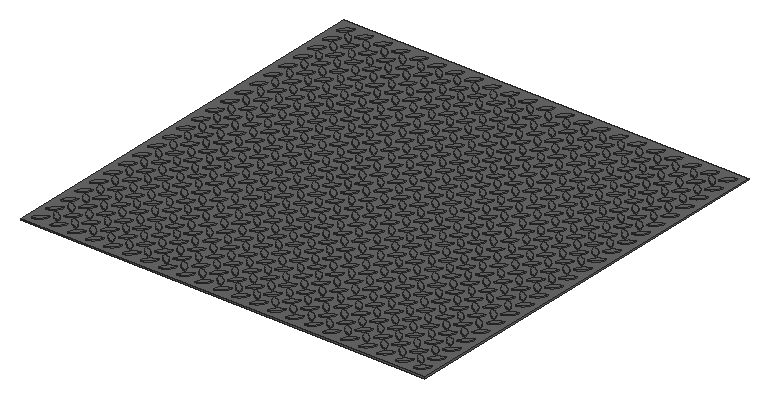
Revit family "141012021113804", category Modelos genéricos, Revit 2018 (continued)
Forms (mm)
  Blend 611, solid, material "Goma negro" <- "Material", detail levels fine
    base sketch origin (448.555, 935.994, 0) x (0.707107, -0.707107, 0) y (0.707107, 0.707107, 0)
      loop
        arc (794.539, -324.327) -> (799.889, -307.273) -> (794.539, -290.22) r 29.852
        arc (794.539, -290.22) -> (793.684, -289.773) -> (792.83, -290.22) r 1.041
    top sketch origin (448.555, 935.994, 0) x (0.707107, -0.707107, 0) y (0.707107, 0.707107, 0)
      loop
        arc (792.83, -290.22) -> (787.479, -307.273) -> (792.83, -324.327) r 29.852
        arc (792.83, -324.327) -> (793.684, -324.773) -> (794.539, -324.327) r 1.041
        arc (794.539, -324.327) -> (799.889, -307.273) -> (794.539, -290.22) r 29.852
        arc (794.539, -290.22) -> (793.684, -289.773) -> (792.83, -290.22) r 1.041
    from 0 to 1
  Blend 612, solid, material "Goma negro" <- "Material", detail levels fine
    base sketch origin (1593.494, 523.945, 0) x (-0.707107, -0.707107, 0) y (0.707107, -0.707107, 0)
      loop
        arc (792.83, -290.22) -> (787.479, -307.273) -> (792.83, -324.327) r 29.852
        arc (792.83, -324.327) -> (793.684, -324.773) -> (794.539, -324.327) r 1.041
        arc (794.539, -324.327) -> (799.889, -307.273) -> (794.539, -290.22) r 29.852
        arc (794.539, -290.22) -> (793.684, -289.773) -> (792.83, -290.22) r 1.041
    top sketch origin (1593.494, 523.945, 0) x (-0.707107, -0.707107, 0) y (0.707107, -0.707107, 0)
      loop
        arc (792.83, -290.22) -> (787.479, -307.273) -> (792.83, -324.327) r 29.852
        arc (792.83, -324.327) -> (793.684, -324.773) -> (794.539, -324.327) r 1.041
        arc (794.539, -324.327) -> (799.889, -307.273) -> (794.539, -290.22) r 29.852
        arc (794.539, -290.22) -> (793.684, -289.773) -> (792.83, -290.22) r 1.041
    from 0 to 1
  Blend 613, solid, material "Goma negro" <- "Material", detail levels fine
    base sketch origin (403.555, 935.994, 0) x (0.707107, -0.707107, 0) y (0.707107, 0.707107, 0)
      loop
        arc (792.83, -290.22) -> (787.479, -307.273) -> (792.83, -324.327) r 29.852
        arc (792.83, -324.327) -> (793.684, -324.773) -> (794.539, -324.327) r 1.041
        arc (794.539, -324.327) -> (799.889, -307.273) -> (794.539, -290.22) r 29.852
        arc (794.539, -290.22) -> (793.684, -289.773) -> (792.83, -290.22) r 1.041
    top sketch origin (403.555, 935.994, 0) x (0.707107, -0.707107, 0) y (0.707107, 0.707107, 0)
      loop
        arc (792.83, -290.22) -> (787.479, -307.273) -> (792.83, -324.327) r 29.852
        arc (792.83, -324.327) -> (793.684, -324.773) -> (794.539, -324.327) r 1.041
        arc (794.539, -324.327) -> (799.889, -307.273) -> (794.539, -290.22) r 29.852
        arc (794.539, -290.22) -> (793.684, -289.773) -> (792.83, -290.22) r 1.041
    from 0 to 1
  Blend 614, solid, material "Goma negro" <- "Material", detail levels fine
    base sketch origin (1548.494, 523.945, 0) x (-0.707107, -0.707107, 0) y (0.707107, -0.707107, 0)
      loop
        arc (792.83, -290.22) -> (787.479, -307.273) -> (792.83, -324.327) r 29.852
        arc (792.83, -324.327) -> (793.684, -324.773) -> (794.539, -324.327) r 1.041
        arc (794.539, -324.327) -> (799.889, -307.273) -> (794.539, -290.22) r 29.852
        arc (794.539, -290.22) -> (793.684, -289.773) -> (792.83, -290.22) r 1.041
    top sketch origin (1548.494, 523.945, 0) x (-0.707107, -0.707107, 0) y (0.707107, -0.707107, 0)
      loop
        arc (792.83, -290.22) -> (787.479, -307.273) -> (792.83, -324.327) r 29.852
        arc (792.83, -324.327) -> (793.684, -324.773) -> (794.539, -324.327) r 1.041
        arc (794.539, -324.327) -> (799.889, -307.273) -> (794.539, -290.22) r 29.852
        arc (794.539, -290.22) -> (793.684, -289.773) -> (792.83, -290.22) r 1.041
    from 0 to 1
  Blend 615, solid, material "Goma negro" <- "Material", detail levels fine
    base sketch origin (358.555, 935.994, 0) x (0.707107, -0.707107, 0) y (0.707107, 0.707107, 0)
      loop
        arc (792.83, -290.22) -> (787.479, -307.273) -> (792.83, -324.327) r 29.852
        arc (792.83, -324.327) -> (793.684, -324.773) -> (794.539, -324.327) r 1.041
        arc (794.539, -324.327) -> (799.889, -307.273) -> (794.539, -290.22) r 29.852
        arc (794.539, -290.22) -> (793.684, -289.773) -> (792.83, -290.22) r 1.041
    top sketch origin (358.555, 935.994, 0) x (0.707107, -0.707107, 0) y (0.707107, 0.707107, 0)
      loop
        arc (792.83, -290.22) -> (787.479, -307.273) -> (792.83, -324.327) r 29.852
        arc (792.83, -324.327) -> (793.684, -324.773) -> (794.539, -324.327) r 1.041
        arc (794.539, -324.327) -> (799.889, -307.273) -> (794.539, -290.22) r 29.852
        arc (794.539, -290.22) -> (793.684, -289.773) -> (792.83, -290.22) r 1.041
    from 0 to 1
  Blend 616, solid, material "Goma negro" <- "Material", detail levels fine
    base sketch origin (1503.494, 523.945, 0) x (-0.707107, -0.707107, 0) y (0.707107, -0.707107, 0)
      loop
        arc (792.83, -290.22) -> (787.479, -307.273) -> (792.83, -324.327) r 29.852
        arc (792.83, -324.327) -> (793.684, -324.773) -> (794.539, -324.327) r 1.041
        arc (794.539, -324.327) -> (799.889, -307.273) -> (794.539, -290.22) r 29.852
        arc (794.539, -290.22) -> (793.684, -289.773) -> (792.83, -290.22) r 1.041
    top sketch origin (1503.494, 523.945, 0) x (-0.707107, -0.707107, 0) y (0.707107, -0.707107, 0)
      loop
        arc (792.83, -290.22) -> (787.479, -307.273) -> (792.83, -324.327) r 29.852
        arc (792.83, -324.327) -> (793.684, -324.773) -> (794.539, -324.327) r 1.041
        arc (794.539, -324.327) -> (799.889, -307.273) -> (794.539, -290.22) r 29.852
        arc (794.539, -290.22) -> (793.684, -289.773) -> (792.83, -290.22) r 1.041
    from 0 to 1
  Blend 617, solid, material "Goma negro" <- "Material", detail levels fine
    base sketch origin (313.555, 935.994, 0) x (0.707107, -0.707107, 0) y (0.707107, 0.707107, 0)
      loop
        arc (792.83, -290.22) -> (787.479, -307.273) -> (792.83, -324.327) r 29.852
        arc (792.83, -324.327) -> (793.684, -324.773) -> (794.539, -324.327) r 1.041
        arc (794.539, -324.327) -> (799.889, -307.273) -> (794.539, -290.22) r 29.852
        arc (794.539, -290.22) -> (793.684, -289.773) -> (792.83, -290.22) r 1.041
    top sketch origin (313.555, 935.994, 0) x (0.707107, -0.707107, 0) y (0.707107, 0.707107, 0)
      loop
        arc (792.83, -290.22) -> (787.479, -307.273) -> (792.83, -324.327) r 29.852
        arc (792.83, -324.327) -> (793.684, -324.773) -> (794.539, -324.327) r 1.041
        arc (794.539, -324.327) -> (799.889, -307.273) -> (794.539, -290.22) r 29.852
        arc (794.539, -290.22) -> (793.684, -289.773) -> (792.83, -290.22) r 1.041
    from 0 to 1
  Blend 618, solid, material "Goma negro" <- "Material", detail levels fine
    base sketch origin (1458.494, 523.945, 0) x (-0.707107, -0.707107, 0) y (0.707107, -0.707107, 0)
      loop
        arc (792.83, -290.22) -> (787.479, -307.273) -> (792.83, -324.327) r 29.852
        arc (792.83, -324.327) -> (793.684, -324.773) -> (794.539, -324.327) r 1.041
        arc (794.539, -324.327) -> (799.889, -307.273) -> (794.539, -290.22) r 29.852
        arc (794.539, -290.22) -> (793.684, -289.773) -> (792.83, -290.22) r 1.041
    top sketch origin (1458.494, 523.945, 0) x (-0.707107, -0.707107, 0) y (0.707107, -0.707107, 0)
      loop
        arc (792.83, -290.22) -> (787.479, -307.273) -> (792.83, -324.327) r 29.852
        arc (792.83, -324.327) -> (793.684, -324.773) -> (794.539, -324.327) r 1.041
        arc (794.539, -324.327) -> (799.889, -307.273) -> (794.539, -290.22) r 29.852
        arc (794.539, -290.22) -> (793.684, -289.773) -> (792.83, -290.22) r 1.041
    from 0 to 1
  Blend 619, solid, material "Goma negro" <- "Material", detail levels fine
    base sketch origin (268.555, 935.994, 0) x (0.707107, -0.707107, 0) y (0.707107, 0.707107, 0)
      loop
        arc (792.83, -290.22) -> (787.479, -307.273) -> (792.83, -324.327) r 29.852
        arc (792.83, -324.327) -> (793.684, -324.773) -> (794.539, -324.327) r 1.041
        arc (794.539, -324.327) -> (799.889, -307.273) -> (794.539, -290.22) r 29.852
        arc (794.539, -290.22) -> (793.684, -289.773) -> (792.83, -290.22) r 1.041
    top sketch origin (268.555, 935.994, 0) x (0.707107, -0.707107, 0) y (0.707107, 0.707107, 0)
      loop
        arc (792.83, -290.22) -> (787.479, -307.273) -> (792.83, -324.327) r 29.852
        arc (792.83, -324.327) -> (793.684, -324.773) -> (794.539, -324.327) r 1.041
        arc (794.539, -324.327) -> (799.889, -307.273) -> (794.539, -290.22) r 29.852
        arc (794.539, -290.22) -> (793.684, -289.773) -> (792.83, -290.22) r 1.041
    from 0 to 1
  Blend 620, solid, material "Goma negro" <- "Material", detail levels fine
    base sketch origin (1413.494, 523.945, 0) x (-0.707107, -0.707107, 0) y (0.707107, -0.707107, 0)
      loop
        arc (792.83, -290.22) -> (787.479, -307.273) -> (792.83, -324.327) r 29.852
        arc (792.83, -324.327) -> (793.684, -324.773) -> (794.539, -324.327) r 1.041
        arc (794.539, -324.327) -> (799.889, -307.273) -> (794.539, -290.22) r 29.852
        arc (794.539, -290.22) -> (793.684, -289.773) -> (792.83, -290.22) r 1.041
    top sketch origin (1413.494, 523.945, 0) x (-0.707107, -0.707107, 0) y (0.707107, -0.707107, 0)
      loop
        arc (792.83, -290.22) -> (787.479, -307.273) -> (792.83, -324.327) r 29.852
        arc (792.83, -324.327) -> (793.684, -324.773) -> (794.539, -324.327) r 1.041
        arc (794.539, -324.327) -> (799.889, -307.273) -> (794.539, -290.22) r 29.852
        arc (794.539, -290.22) -> (793.684, -289.773) -> (792.83, -290.22) r 1.041
    from 0 to 1
  Blend 621, solid, material "Goma negro" <- "Material", detail levels fine
    base sketch origin (223.555, 935.994, 0) x (0.707107, -0.707107, 0) y (0.707107, 0.707107, 0)
      loop
        arc (792.83, -290.22) -> (787.479, -307.273) -> (792.83, -324.327) r 29.852
        arc (792.83, -324.327) -> (793.684, -324.773) -> (794.539, -324.327) r 1.041
        arc (794.539, -324.327) -> (799.889, -307.273) -> (794.539, -290.22) r 29.852
        arc (794.539, -290.22) -> (793.684, -289.773) -> (792.83, -290.22) r 1.041
    top sketch origin (223.555, 935.994, 0) x (0.707107, -0.707107, 0) y (0.707107, 0.707107, 0)
      loop
        arc (792.83, -290.22) -> (787.479, -307.273) -> (792.83, -324.327) r 29.852
        arc (792.83, -324.327) -> (793.684, -324.773) -> (794.539, -324.327) r 1.041
        arc (794.539, -324.327) -> (799.889, -307.273) -> (794.539, -290.22) r 29.852
        arc (794.539, -290.22) -> (793.684, -289.773) -> (792.83, -290.22) r 1.041
    from 0 to 1
  Blend 622, solid, material "Goma negro" <- "Material", detail levels fine
    base sketch origin (1368.494, 523.945, 0) x (-0.707107, -0.707107, 0) y (0.707107, -0.707107, 0)
      loop
        arc (792.83, -290.22) -> (787.479, -307.273) -> (792.83, -324.327) r 29.852
        arc (792.83, -324.327) -> (793.684, -324.773) -> (794.539, -324.327) r 1.041
        arc (794.539, -324.327) -> (799.889, -307.273) -> (794.539, -290.22) r 29.852
        arc (794.539, -290.22) -> (793.684, -289.773) -> (792.83, -290.22) r 1.041
    top sketch origin (1368.494, 523.945, 0) x (-0.707107, -0.707107, 0) y (0.707107, -0.707107, 0)
      loop
        arc (792.83, -290.22) -> (787.479, -307.273) -> (792.83, -324.327) r 29.852
        arc (792.83, -324.327) -> (793.684, -324.773) -> (794.539, -324.327) r 1.041
        arc (794.539, -324.327) -> (799.889, -307.273) -> (794.539, -290.22) r 29.852
        arc (794.539, -290.22) -> (793.684, -289.773) -> (792.83, -290.22) r 1.041
    from 0 to 1
  Blend 623, solid, material "Goma negro" <- "Material", detail levels fine
    base sketch origin (178.555, 935.994, 0) x (0.707107, -0.707107, 0) y (0.707107, 0.707107, 0)
      loop
        arc (792.83, -290.22) -> (787.479, -307.273) -> (792.83, -324.327) r 29.852
        arc (792.83, -324.327) -> (793.684, -324.773) -> (794.539, -324.327) r 1.041
        arc (794.539, -324.327) -> (799.889, -307.273) -> (794.539, -290.22) r 29.852
        arc (794.539, -290.22) -> (793.684, -289.773) -> (792.83, -290.22) r 1.041
    top sketch origin (178.555, 935.994, 0) x (0.707107, -0.707107, 0) y (0.707107, 0.707107, 0)
      loop
        arc (792.83, -290.22) -> (787.479, -307.273) -> (792.83, -324.327) r 29.852
        arc (792.83, -324.327) -> (793.684, -324.773) -> (794.539, -324.327) r 1.041
        arc (794.539, -324.327) -> (799.889, -307.273) -> (794.539, -290.22) r 29.852
        arc (794.539, -290.22) -> (793.684, -289.773) -> (792.83, -290.22) r 1.041
    from 0 to 1
  Blend 624, solid, material "Goma negro" <- "Material", detail levels fine
    base sketch origin (1323.494, 523.945, 0) x (-0.707107, -0.707107, 0) y (0.707107, -0.707107, 0)
      loop
        arc (792.83, -290.22) -> (787.479, -307.273) -> (792.83, -324.327) r 29.852
        arc (792.83, -324.327) -> (793.684, -324.773) -> (794.539, -324.327) r 1.041
        arc (794.539, -324.327) -> (799.889, -307.273) -> (794.539, -290.22) r 29.852
        arc (794.539, -290.22) -> (793.684, -289.773) -> (792.83, -290.22) r 1.041
    top sketch origin (1323.494, 523.945, 0) x (-0.707107, -0.707107, 0) y (0.707107, -0.707107, 0)
      loop
        arc (792.83, -290.22) -> (787.479, -307.273) -> (792.83, -324.327) r 29.852
        arc (792.83, -324.327) -> (793.684, -324.773) -> (794.539, -324.327) r 1.041
        arc (794.539, -324.327) -> (799.889, -307.273) -> (794.539, -290.22) r 29.852
        arc (794.539, -290.22) -> (793.684, -289.773) -> (792.83, -290.22) r 1.041
    from 0 to 1
  Blend 625, solid, material "Goma negro" <- "Material", detail levels fine
    base sketch origin (133.555, 935.994, 0) x (0.707107, -0.707107, 0) y (0.707107, 0.707107, 0)
      loop
        arc (792.83, -290.22) -> (787.479, -307.273) -> (792.83, -324.327) r 29.852
        arc (792.83, -324.327) -> (793.684, -324.773) -> (794.539, -324.327) r 1.041
        arc (794.539, -324.327) -> (799.889, -307.273) -> (794.539, -290.22) r 29.852
        arc (794.539, -290.22) -> (793.684, -289.773) -> (792.83, -290.22) r 1.041
    top sketch origin (133.555, 935.994, 0) x (0.707107, -0.707107, 0) y (0.707107, 0.707107, 0)
      loop
        arc (792.83, -290.22) -> (787.479, -307.273) -> (792.83, -324.327) r 29.852
        arc (792.83, -324.327) -> (793.684, -324.773) -> (794.539, -324.327) r 1.041
        arc (794.539, -324.327) -> (799.889, -307.273) -> (794.539, -290.22) r 29.852
        arc (794.539, -290.22) -> (793.684, -289.773) -> (792.83, -290.22) r 1.041
    from 0 to 1
  Blend 626, solid, material "Goma negro" <- "Material", detail levels fine
    base sketch origin (1278.494, 523.945, 0) x (-0.707107, -0.707107, 0) y (0.707107, -0.707107, 0)
      loop
        arc (792.83, -290.22) -> (787.479, -307.273) -> (792.83, -324.327) r 29.852
        arc (792.83, -324.327) -> (793.684, -324.773) -> (794.539, -324.327) r 1.041
        arc (794.539, -324.327) -> (799.889, -307.273) -> (794.539, -290.22) r 29.852
        arc (794.539, -290.22) -> (793.684, -289.773) -> (792.83, -290.22) r 1.041
    top sketch origin (1278.494, 523.945, 0) x (-0.707107, -0.707107, 0) y (0.707107, -0.707107, 0)
      loop
        arc (792.83, -290.22) -> (787.479, -307.273) -> (792.83, -324.327) r 29.852
        arc (792.83, -324.327) -> (793.684, -324.773) -> (794.539, -324.327) r 1.041
        arc (794.539, -324.327) -> (799.889, -307.273) -> (794.539, -290.22) r 29.852
        arc (794.539, -290.22) -> (793.684, -289.773) -> (792.83, -290.22) r 1.041
    from 0 to 1
  Blend 627, solid, material "Goma negro" <- "Material", detail levels fine
    base sketch origin (88.555, 935.994, 0) x (0.707107, -0.707107, 0) y (0.707107, 0.707107, 0)
      loop
        arc (792.83, -290.22) -> (787.479, -307.273) -> (792.83, -324.327) r 29.852
        arc (792.83, -324.327) -> (793.684, -324.773) -> (794.539, -324.327) r 1.041
        arc (794.539, -324.327) -> (799.889, -307.273) -> (794.539, -290.22) r 29.852
        arc (794.539, -290.22) -> (793.684, -289.773) -> (792.83, -290.22) r 1.041
    top sketch origin (88.555, 935.994, 0) x (0.707107, -0.707107, 0) y (0.707107, 0.707107, 0)
      loop
        arc (792.83, -290.22) -> (787.479, -307.273) -> (792.83, -324.327) r 29.852
        arc (792.83, -324.327) -> (793.684, -324.773) -> (794.539, -324.327) r 1.041
        arc (794.539, -324.327) -> (799.889, -307.273) -> (794.539, -290.22) r 29.852
        arc (794.539, -290.22) -> (793.684, -289.773) -> (792.83, -290.22) r 1.041
    from 0 to 1
  Blend 628, solid, material "Goma negro" <- "Material", detail levels fine
    base sketch origin (1233.494, 523.945, 0) x (-0.707107, -0.707107, 0) y (0.707107, -0.707107, 0)
      loop
        arc (792.83, -290.22) -> (787.479, -307.273) -> (792.83, -324.327) r 29.852
        arc (792.83, -324.327) -> (793.684, -324.773) -> (794.539, -324.327) r 1.041
        arc (794.539, -324.327) -> (799.889, -307.273) -> (794.539, -290.22) r 29.852
        arc (794.539, -290.22) -> (793.684, -289.773) -> (792.83, -290.22) r 1.041
    top sketch origin (1233.494, 523.945, 0) x (-0.707107, -0.707107, 0) y (0.707107, -0.707107, 0)
      loop
        arc (792.83, -290.22) -> (787.479, -307.273) -> (792.83, -324.327) r 29.852
        arc (792.83, -324.327) -> (793.684, -324.773) -> (794.539, -324.327) r 1.041
        arc (794.539, -324.327) -> (799.889, -307.273) -> (794.539, -290.22) r 29.852
        arc (794.539, -290.22) -> (793.684, -289.773) -> (792.83, -290.22) r 1.041
    from 0 to 1
  Blend 629, solid, material "Goma negro" <- "Material", detail levels fine
    base sketch origin (43.555, 935.994, 0) x (0.707107, -0.707107, 0) y (0.707107, 0.707107, 0)
      loop
        arc (792.83, -290.22) -> (787.479, -307.273) -> (792.83, -324.327) r 29.852
        arc (792.83, -324.327) -> (793.684, -324.773) -> (794.539, -324.327) r 1.041
        arc (794.539, -324.327) -> (799.889, -307.273) -> (794.539, -290.22) r 29.852
        arc (794.539, -290.22) -> (793.684, -289.773) -> (792.83, -290.22) r 1.041
    top sketch origin (43.555, 935.994, 0) x (0.707107, -0.707107, 0) y (0.707107, 0.707107, 0)
      loop
        arc (792.83, -290.22) -> (787.479, -307.273) -> (792.83, -324.327) r 29.852
        arc (792.83, -324.327) -> (793.684, -324.773) -> (794.539, -324.327) r 1.041
        arc (794.539, -324.327) -> (799.889, -307.273) -> (794.539, -290.22) r 29.852
        arc (794.539, -290.22) -> (793.684, -289.773) -> (792.83, -290.22) r 1.041
    from 0 to 1
  Blend 630, solid, material "Goma negro" <- "Material", detail levels fine
    base sketch origin (1188.494, 523.945, 0) x (-0.707107, -0.707107, 0) y (0.707107, -0.707107, 0)
      loop
        arc (792.83, -290.22) -> (787.479, -307.273) -> (792.83, -324.327) r 29.852
        arc (792.83, -324.327) -> (793.684, -324.773) -> (794.539, -324.327) r 1.041
        arc (794.539, -324.327) -> (799.889, -307.273) -> (794.539, -290.22) r 29.852
        arc (794.539, -290.22) -> (793.684, -289.773) -> (792.83, -290.22) r 1.041
    top sketch origin (1188.494, 523.945, 0) x (-0.707107, -0.707107, 0) y (0.707107, -0.707107, 0)
      loop
        arc (792.83, -290.22) -> (787.479, -307.273) -> (792.83, -324.327) r 29.852
        arc (792.83, -324.327) -> (793.684, -324.773) -> (794.539, -324.327) r 1.041
        arc (794.539, -324.327) -> (799.889, -307.273) -> (794.539, -290.22) r 29.852
        arc (794.539, -290.22) -> (793.684, -289.773) -> (792.83, -290.22) r 1.041
    from 0 to 1
  Blend 631, solid, material "Goma negro" <- "Material", detail levels fine
    base sketch origin (-1.445, 935.994, 0) x (0.707107, -0.707107, 0) y (0.707107, 0.707107, 0)
      loop
        arc (792.83, -290.22) -> (787.479, -307.273) -> (792.83, -324.327) r 29.852
        arc (792.83, -324.327) -> (793.684, -324.773) -> (794.539, -324.327) r 1.041
        arc (794.539, -324.327) -> (799.889, -307.273) -> (794.539, -290.22) r 29.852
        arc (794.539, -290.22) -> (793.684, -289.773) -> (792.83, -290.22) r 1.041
    top sketch origin (-1.445, 935.994, 0) x (0.707107, -0.707107, 0) y (0.707107, 0.707107, 0)
      loop
        arc (792.83, -290.22) -> (787.479, -307.273) -> (792.83, -324.327) r 29.852
        arc (792.83, -324.327) -> (793.684, -324.773) -> (794.539, -324.327) r 1.041
        arc (794.539, -324.327) -> (799.889, -307.273) -> (794.539, -290.22) r 29.852
        arc (794.539, -290.22) -> (793.684, -289.773) -> (792.83, -290.22) r 1.041
    from 0 to 1
  Blend 632, solid, material "Goma negro" <- "Material", detail levels fine
    base sketch origin (1143.494, 523.945, 0) x (-0.707107, -0.707107, 0) y (0.707107, -0.707107, 0)
      loop
        arc (792.83, -290.22) -> (787.479, -307.273) -> (792.83, -324.327) r 29.852
        arc (792.83, -324.327) -> (793.684, -324.773) -> (794.539, -324.327) r 1.041
        arc (794.539, -324.327) -> (799.889, -307.273) -> (794.539, -290.22) r 29.852
        arc (794.539, -290.22) -> (793.684, -289.773) -> (792.83, -290.22) r 1.041
    top sketch origin (1143.494, 523.945, 0) x (-0.707107, -0.707107, 0) y (0.707107, -0.707107, 0)
      loop
        arc (792.83, -290.22) -> (787.479, -307.273) -> (792.83, -324.327) r 29.852
        arc (792.83, -324.327) -> (793.684, -324.773) -> (794.539, -324.327) r 1.041
        arc (794.539, -324.327) -> (799.889, -307.273) -> (794.539, -290.22) r 29.852
        arc (794.539, -290.22) -> (793.684, -289.773) -> (792.83, -290.22) r 1.041
    from 0 to 1
  Blend 633, solid, material "Goma negro" <- "Material", detail levels fine
    base sketch origin (-46.445, 935.994, 0) x (0.707107, -0.707107, 0) y (0.707107, 0.707107, 0)
      loop
        arc (792.83, -290.22) -> (787.479, -307.273) -> (792.83, -324.327) r 29.852
        arc (792.83, -324.327) -> (793.684, -324.773) -> (794.539, -324.327) r 1.041
        arc (794.539, -324.327) -> (799.889, -307.273) -> (794.539, -290.22) r 29.852
        arc (794.539, -290.22) -> (793.684, -289.773) -> (792.83, -290.22) r 1.041
    top sketch origin (-46.445, 935.994, 0) x (0.707107, -0.707107, 0) y (0.707107, 0.707107, 0)
      loop
        arc (792.83, -290.22) -> (787.479, -307.273) -> (792.83, -324.327) r 29.852
        arc (792.83, -324.327) -> (793.684, -324.773) -> (794.539, -324.327) r 1.041
        arc (794.539, -324.327) -> (799.889, -307.273) -> (794.539, -290.22) r 29.852
        arc (794.539, -290.22) -> (793.684, -289.773) -> (792.83, -290.22) r 1.041
    from 0 to 1
  Blend 634, solid, material "Goma negro" <- "Material", detail levels fine
    base sketch origin (1098.494, 523.945, 0) x (-0.707107, -0.707107, 0) y (0.707107, -0.707107, 0)
      loop
        arc (792.83, -290.22) -> (787.479, -307.273) -> (792.83, -324.327) r 29.852
        arc (792.83, -324.327) -> (793.684, -324.773) -> (794.539, -324.327) r 1.041
        arc (794.539, -324.327) -> (799.889, -307.273) -> (794.539, -290.22) r 29.852
        arc (794.539, -290.22) -> (793.684, -289.773) -> (792.83, -290.22) r 1.041
    top sketch origin (1098.494, 523.945, 0) x (-0.707107, -0.707107, 0) y (0.707107, -0.707107, 0)
      loop
        arc (792.83, -290.22) -> (787.479, -307.273) -> (792.83, -324.327) r 29.852
        arc (792.83, -324.327) -> (793.684, -324.773) -> (794.539, -324.327) r 1.041
        arc (794.539, -324.327) -> (799.889, -307.273) -> (794.539, -290.22) r 29.852
        arc (794.539, -290.22) -> (793.684, -289.773) -> (792.83, -290.22) r 1.041
    from 0 to 1
  Blend 635, solid, material "Goma negro" <- "Material", detail levels fine
    base sketch origin (-91.445, 935.994, 0) x (0.707107, -0.707107, 0) y (0.707107, 0.707107, 0)
      loop
        arc (792.83, -290.22) -> (787.479, -307.273) -> (792.83, -324.327) r 29.852
        arc (792.83, -324.327) -> (793.684, -324.773) -> (794.539, -324.327) r 1.041
        arc (794.539, -324.327) -> (799.889, -307.273) -> (794.539, -290.22) r 29.852
        arc (794.539, -290.22) -> (793.684, -289.773) -> (792.83, -290.22) r 1.041
    top sketch origin (-91.445, 935.994, 0) x (0.707107, -0.707107, 0) y (0.707107, 0.707107, 0)
      loop
        arc (792.83, -290.22) -> (787.479, -307.273) -> (792.83, -324.327) r 29.852
        arc (792.83, -324.327) -> (793.684, -324.773) -> (794.539, -324.327) r 1.041
        arc (794.539, -324.327) -> (799.889, -307.273) -> (794.539, -290.22) r 29.852
        arc (794.539, -290.22) -> (793.684, -289.773) -> (792.83, -290.22) r 1.041
    from 0 to 1
  Blend 636, solid, material "Goma negro" <- "Material", detail levels fine
    base sketch origin (1053.494, 523.945, 0) x (-0.707107, -0.707107, 0) y (0.707107, -0.707107, 0)
      loop
        arc (792.83, -290.22) -> (787.479, -307.273) -> (792.83, -324.327) r 29.852
        arc (792.83, -324.327) -> (793.684, -324.773) -> (794.539, -324.327) r 1.041
        arc (794.539, -324.327) -> (799.889, -307.273) -> (794.539, -290.22) r 29.852
        arc (794.539, -290.22) -> (793.684, -289.773) -> (792.83, -290.22) r 1.041
    top sketch origin (1053.494, 523.945, 0) x (-0.707107, -0.707107, 0) y (0.707107, -0.707107, 0)
      loop
        arc (792.83, -290.22) -> (787.479, -307.273) -> (792.83, -324.327) r 29.852
        arc (792.83, -324.327) -> (793.684, -324.773) -> (794.539, -324.327) r 1.041
        arc (794.539, -324.327) -> (799.889, -307.273) -> (794.539, -290.22) r 29.852
        arc (794.539, -290.22) -> (793.684, -289.773) -> (792.83, -290.22) r 1.041
    from 0 to 1
  Blend 637, solid, material "Goma negro" <- "Material", detail levels fine
    base sketch origin (-136.445, 935.994, 0) x (0.707107, -0.707107, 0) y (0.707107, 0.707107, 0)
      loop
        arc (792.83, -290.22) -> (787.479, -307.273) -> (792.83, -324.327) r 29.852
        arc (792.83, -324.327) -> (793.684, -324.773) -> (794.539, -324.327) r 1.041
        arc (794.539, -324.327) -> (799.889, -307.273) -> (794.539, -290.22) r 29.852
        arc (794.539, -290.22) -> (793.684, -289.773) -> (792.83, -290.22) r 1.041
    top sketch origin (-136.445, 935.994, 0) x (0.707107, -0.707107, 0) y (0.707107, 0.707107, 0)
      loop
        arc (792.83, -290.22) -> (787.479, -307.273) -> (792.83, -324.327) r 29.852
        arc (792.83, -324.327) -> (793.684, -324.773) -> (794.539, -324.327) r 1.041
        arc (794.539, -324.327) -> (799.889, -307.273) -> (794.539, -290.22) r 29.852
        arc (794.539, -290.22) -> (793.684, -289.773) -> (792.83, -290.22) r 1.041
    from 0 to 1
  Blend 638, solid, material "Goma negro" <- "Material", detail levels fine
    base sketch origin (1008.494, 523.945, 0) x (-0.707107, -0.707107, 0) y (0.707107, -0.707107, 0)
      loop
        arc (792.83, -290.22) -> (787.479, -307.273) -> (792.83, -324.327) r 29.852
        arc (792.83, -324.327) -> (793.684, -324.773) -> (794.539, -324.327) r 1.041
        arc (794.539, -324.327) -> (799.889, -307.273) -> (794.539, -290.22) r 29.852
        arc (794.539, -290.22) -> (793.684, -289.773) -> (792.83, -290.22) r 1.041
    top sketch origin (1008.494, 523.945, 0) x (-0.707107, -0.707107, 0) y (0.707107, -0.707107, 0)
      loop
        arc (792.83, -290.22) -> (787.479, -307.273) -> (792.83, -324.327) r 29.852
        arc (792.83, -324.327) -> (793.684, -324.773) -> (794.539, -324.327) r 1.041
        arc (794.539, -324.327) -> (799.889, -307.273) -> (794.539, -290.22) r 29.852
        arc (794.539, -290.22) -> (793.684, -289.773) -> (792.83, -290.22) r 1.041
    from 0 to 1
  Blend 639, solid, material "Goma negro" <- "Material", detail levels fine
    base sketch origin (-181.445, 935.994, 0) x (0.707107, -0.707107, 0) y (0.707107, 0.707107, 0)
      loop
        arc (792.83, -290.22) -> (787.479, -307.273) -> (792.83, -324.327) r 29.852
        arc (792.83, -324.327) -> (793.684, -324.773) -> (794.539, -324.327) r 1.041
        arc (794.539, -324.327) -> (799.889, -307.273) -> (794.539, -290.22) r 29.852
        arc (794.539, -290.22) -> (793.684, -289.773) -> (792.83, -290.22) r 1.041
    top sketch origin (-181.445, 935.994, 0) x (0.707107, -0.707107, 0) y (0.707107, 0.707107, 0)
      loop
        arc (792.83, -290.22) -> (787.479, -307.273) -> (792.83, -324.327) r 29.852
        arc (792.83, -324.327) -> (793.684, -324.773) -> (794.539, -324.327) r 1.041
        arc (794.539, -324.327) -> (799.889, -307.273) -> (794.539, -290.22) r 29.852
        arc (794.539, -290.22) -> (793.684, -289.773) -> (792.83, -290.22) r 1.041
    from 0 to 1
  Blend 640, solid, material "Goma negro" <- "Material", detail levels fine
    base sketch origin (963.494, 523.945, 0) x (-0.707107, -0.707107, 0) y (0.707107, -0.707107, 0)
      loop
        arc (792.83, -290.22) -> (787.479, -307.273) -> (792.83, -324.327) r 29.852
        arc (792.83, -324.327) -> (793.684, -324.773) -> (794.539, -324.327) r 1.041
        arc (794.539, -324.327) -> (799.889, -307.273) -> (794.539, -290.22) r 29.852
        arc (794.539, -290.22) -> (793.684, -289.773) -> (792.83, -290.22) r 1.041
    top sketch origin (963.494, 523.945, 0) x (-0.707107, -0.707107, 0) y (0.707107, -0.707107, 0)
      loop
        arc (792.83, -290.22) -> (787.479, -307.273) -> (792.83, -324.327) r 29.852
        arc (792.83, -324.327) -> (793.684, -324.773) -> (794.539, -324.327) r 1.041
        arc (794.539, -324.327) -> (799.889, -307.273) -> (794.539, -290.22) r 29.852
        arc (794.539, -290.22) -> (793.684, -289.773) -> (792.83, -290.22) r 1.041
    from 0 to 1
  Blend 641, solid, material "Goma negro" <- "Material", detail levels fine
    base sketch origin (-226.445, 935.994, 0) x (0.707107, -0.707107, 0) y (0.707107, 0.707107, 0)
      loop
        arc (792.83, -290.22) -> (787.479, -307.273) -> (792.83, -324.327) r 29.852
        arc (792.83, -324.327) -> (793.684, -324.773) -> (794.539, -324.327) r 1.041
        arc (794.539, -324.327) -> (799.889, -307.273) -> (794.539, -290.22) r 29.852
        arc (794.539, -290.22) -> (793.684, -289.773) -> (792.83, -290.22) r 1.041
    top sketch origin (-226.445, 935.994, 0) x (0.707107, -0.707107, 0) y (0.707107, 0.707107, 0)
      loop
        arc (792.83, -290.22) -> (787.479, -307.273) -> (792.83, -324.327) r 29.852
        arc (792.83, -324.327) -> (793.684, -324.773) -> (794.539, -324.327) r 1.041
        arc (794.539, -324.327) -> (799.889, -307.273) -> (794.539, -290.22) r 29.852
        arc (794.539, -290.22) -> (793.684, -289.773) -> (792.83, -290.22) r 1.041
    from 0 to 1
  Blend 642, solid, material "Goma negro" <- "Material", detail levels fine
    base sketch origin (918.494, 523.945, 0) x (-0.707107, -0.707107, 0) y (0.707107, -0.707107, 0)
      loop
        arc (792.83, -290.22) -> (787.479, -307.273) -> (792.83, -324.327) r 29.852
        arc (792.83, -324.327) -> (793.684, -324.773) -> (794.539, -324.327) r 1.041
        arc (794.539, -324.327) -> (799.889, -307.273) -> (794.539, -290.22) r 29.852
        arc (794.539, -290.22) -> (793.684, -289.773) -> (792.83, -290.22) r 1.041
    top sketch origin (918.494, 523.945, 0) x (-0.707107, -0.707107, 0) y (0.707107, -0.707107, 0)
      loop
        arc (792.83, -290.22) -> (787.479, -307.273) -> (792.83, -324.327) r 29.852
        arc (792.83, -324.327) -> (793.684, -324.773) -> (794.539, -324.327) r 1.041
        arc (794.539, -324.327) -> (799.889, -307.273) -> (794.539, -290.22) r 29.852
        arc (794.539, -290.22) -> (793.684, -289.773) -> (792.83, -290.22) r 1.041
    from 0 to 1
  Blend 643, solid, material "Goma negro" <- "Material", detail levels fine
    base sketch origin (-271.445, 935.994, 0) x (0.707107, -0.707107, 0) y (0.707107, 0.707107, 0)
      loop
        arc (792.83, -290.22) -> (787.479, -307.273) -> (792.83, -324.327) r 29.852
        arc (792.83, -324.327) -> (793.684, -324.773) -> (794.539, -324.327) r 1.041
        arc (794.539, -324.327) -> (799.889, -307.273) -> (794.539, -290.22) r 29.852
        arc (794.539, -290.22) -> (793.684, -289.773) -> (792.83, -290.22) r 1.041
    top sketch origin (-271.445, 935.994, 0) x (0.707107, -0.707107, 0) y (0.707107, 0.707107, 0)
      loop
        arc (792.83, -290.22) -> (787.479, -307.273) -> (792.83, -324.327) r 29.852
        arc (792.83, -324.327) -> (793.684, -324.773) -> (794.539, -324.327) r 1.041
        arc (794.539, -324.327) -> (799.889, -307.273) -> (794.539, -290.22) r 29.852
        arc (794.539, -290.22) -> (793.684, -289.773) -> (792.83, -290.22) r 1.041
    from 0 to 1
  Blend 644, solid, material "Goma negro" <- "Material", detail levels fine
    base sketch origin (873.494, 523.945, 0) x (-0.707107, -0.707107, 0) y (0.707107, -0.707107, 0)
      loop
        arc (792.83, -290.22) -> (787.479, -307.273) -> (792.83, -324.327) r 29.852
        arc (792.83, -324.327) -> (793.684, -324.773) -> (794.539, -324.327) r 1.041
        arc (794.539, -324.327) -> (799.889, -307.273) -> (794.539, -290.22) r 29.852
        arc (794.539, -290.22) -> (793.684, -289.773) -> (792.83, -290.22) r 1.041
    top sketch origin (873.494, 523.945, 0) x (-0.707107, -0.707107, 0) y (0.707107, -0.707107, 0)
      loop
        arc (792.83, -290.22) -> (787.479, -307.273) -> (792.83, -324.327) r 29.852
        arc (792.83, -324.327) -> (793.684, -324.773) -> (794.539, -324.327) r 1.041
        arc (794.539, -324.327) -> (799.889, -307.273) -> (794.539, -290.22) r 29.852
        arc (794.539, -290.22) -> (793.684, -289.773) -> (792.83, -290.22) r 1.041
    from 0 to 1
  Blend 645, solid, material "Goma negro" <- "Material", detail levels fine
    base sketch origin (-316.445, 935.994, 0) x (0.707107, -0.707107, 0) y (0.707107, 0.707107, 0)
      loop
        arc (792.83, -290.22) -> (787.479, -307.273) -> (792.83, -324.327) r 29.852
        arc (792.83, -324.327) -> (793.684, -324.773) -> (794.539, -324.327) r 1.041
        arc (794.539, -324.327) -> (799.889, -307.273) -> (794.539, -290.22) r 29.852
        arc (794.539, -290.22) -> (793.684, -289.773) -> (792.83, -290.22) r 1.041
    top sketch origin (-316.445, 935.994, 0) x (0.707107, -0.707107, 0) y (0.707107, 0.707107, 0)
      loop
        arc (792.83, -290.22) -> (787.479, -307.273) -> (792.83, -324.327) r 29.852
        arc (792.83, -324.327) -> (793.684, -324.773) -> (794.539, -324.327) r 1.041
        arc (794.539, -324.327) -> (799.889, -307.273) -> (794.539, -290.22) r 29.852
        arc (794.539, -290.22) -> (793.684, -289.773) -> (792.83, -290.22) r 1.041
    from 0 to 1
  Blend 646, solid, material "Goma negro" <- "Material", detail levels fine
    base sketch origin (828.494, 523.945, 0) x (-0.707107, -0.707107, 0) y (0.707107, -0.707107, 0)
      loop
        arc (792.83, -290.22) -> (787.479, -307.273) -> (792.83, -324.327) r 29.852
        arc (792.83, -324.327) -> (793.684, -324.773) -> (794.539, -324.327) r 1.041
        arc (794.539, -324.327) -> (799.889, -307.273) -> (794.539, -290.22) r 29.852
        arc (794.539, -290.22) -> (793.684, -289.773) -> (792.83, -290.22) r 1.041
    top sketch origin (828.494, 523.945, 0) x (-0.707107, -0.707107, 0) y (0.707107, -0.707107, 0)
      loop
        arc (792.83, -290.22) -> (787.479, -307.273) -> (792.83, -324.327) r 29.852
        arc (792.83, -324.327) -> (793.684, -324.773) -> (794.539, -324.327) r 1.041
        arc (794.539, -324.327) -> (799.889, -307.273) -> (794.539, -290.22) r 29.852
        arc (794.539, -290.22) -> (793.684, -289.773) -> (792.83, -290.22) r 1.041
    from 0 to 1
  Blend 647, solid, material "Goma negro" <- "Material", detail levels fine
    base sketch origin (628.555, 980.994, 0) x (0.707107, -0.707107, 0) y (0.707107, 0.707107, 0)
      loop
        arc (792.83, -290.22) -> (787.479, -307.273) -> (792.83, -324.327) r 29.852
        arc (792.83, -324.327) -> (793.684, -324.773) -> (794.539, -324.327) r 1.041
        arc (794.539, -324.327) -> (799.889, -307.273) -> (794.539, -290.22) r 29.852
        arc (794.539, -290.22) -> (793.684, -289.773) -> (792.83, -290.22) r 1.041
    top sketch origin (628.555, 980.994, 0) x (0.707107, -0.707107, 0) y (0.707107, 0.707107, 0)
      loop
        arc (792.83, -290.22) -> (787.479, -307.273) -> (792.83, -324.327) r 29.852
        arc (792.83, -324.327) -> (793.684, -324.773) -> (794.539, -324.327) r 1.041
        arc (794.539, -324.327) -> (799.889, -307.273) -> (794.539, -290.22) r 29.852
        arc (794.539, -290.22) -> (793.684, -289.773) -> (792.83, -290.22) r 1.041
    from 0 to 1
  Blend 648, solid, material "Goma negro" <- "Material", detail levels fine
    base sketch origin (583.555, 980.994, 0) x (0.707107, -0.707107, 0) y (0.707107, 0.707107, 0)
      loop
        arc (792.83, -290.22) -> (787.479, -307.273) -> (792.83, -324.327) r 29.852
        arc (792.83, -324.327) -> (793.684, -324.773) -> (794.539, -324.327) r 1.041
        arc (794.539, -324.327) -> (799.889, -307.273) -> (794.539, -290.22) r 29.852
        arc (794.539, -290.22) -> (793.684, -289.773) -> (792.83, -290.22) r 1.041
    top sketch origin (583.555, 980.994, 0) x (0.707107, -0.707107, 0) y (0.707107, 0.707107, 0)
      loop
        arc (792.83, -290.22) -> (787.479, -307.273) -> (792.83, -324.327) r 29.852
        arc (792.83, -324.327) -> (793.684, -324.773) -> (794.539, -324.327) r 1.041
        arc (794.539, -324.327) -> (799.889, -307.273) -> (794.539, -290.22) r 29.852
        arc (794.539, -290.22) -> (793.684, -289.773) -> (792.83, -290.22) r 1.041
    from 0 to 1
  Blend 649, solid, material "Goma negro" <- "Material", detail levels fine
    base sketch origin (1728.494, 568.945, 0) x (-0.707107, -0.707107, 0) y (0.707107, -0.707107, 0)
      loop
        arc (792.83, -290.22) -> (787.479, -307.273) -> (792.83, -324.327) r 29.852
        arc (792.83, -324.327) -> (793.684, -324.773) -> (794.539, -324.327) r 1.041
        arc (794.539, -324.327) -> (799.889, -307.273) -> (794.539, -290.22) r 29.852
        arc (794.539, -290.22) -> (793.684, -289.773) -> (792.83, -290.22) r 1.041
    top sketch origin (1728.494, 568.945, 0) x (-0.707107, -0.707107, 0) y (0.707107, -0.707107, 0)
      loop
        arc (792.83, -290.22) -> (787.479, -307.273) -> (792.83, -324.327) r 29.852
        arc (792.83, -324.327) -> (793.684, -324.773) -> (794.539, -324.327) r 1.041
        arc (794.539, -324.327) -> (799.889, -307.273) -> (794.539, -290.22) r 29.852
        arc (794.539, -290.22) -> (793.684, -289.773) -> (792.83, -290.22) r 1.041
    from 0 to 1
  Blend 650, solid, material "Goma negro" <- "Material", detail levels fine
    base sketch origin (538.555, 980.994, 0) x (0.707107, -0.707107, 0) y (0.707107, 0.707107, 0)
      loop
        arc (792.83, -290.22) -> (787.479, -307.273) -> (792.83, -324.327) r 29.852
        arc (792.83, -324.327) -> (793.684, -324.773) -> (794.539, -324.327) r 1.041
        arc (794.539, -324.327) -> (799.889, -307.273) -> (794.539, -290.22) r 29.852
        arc (794.539, -290.22) -> (793.684, -289.773) -> (792.83, -290.22) r 1.041
    top sketch origin (538.555, 980.994, 0) x (0.707107, -0.707107, 0) y (0.707107, 0.707107, 0)
      loop
        arc (792.83, -290.22) -> (787.479, -307.273) -> (792.83, -324.327) r 29.852
        arc (792.83, -324.327) -> (793.684, -324.773) -> (794.539, -324.327) r 1.041
        arc (794.539, -324.327) -> (799.889, -307.273) -> (794.539, -290.22) r 29.852
        arc (794.539, -290.22) -> (793.684, -289.773) -> (792.83, -290.22) r 1.041
    from 0 to 1
  Blend 651, solid, material "Goma negro" <- "Material", detail levels fine
    base sketch origin (1683.494, 568.945, 0) x (-0.707107, -0.707107, 0) y (0.707107, -0.707107, 0)
      loop
        arc (792.83, -290.22) -> (787.479, -307.273) -> (792.83, -324.327) r 29.852
        arc (792.83, -324.327) -> (793.684, -324.773) -> (794.539, -324.327) r 1.041
        arc (794.539, -324.327) -> (799.889, -307.273) -> (794.539, -290.22) r 29.852
        arc (794.539, -290.22) -> (793.684, -289.773) -> (792.83, -290.22) r 1.041
    top sketch origin (1683.494, 568.945, 0) x (-0.707107, -0.707107, 0) y (0.707107, -0.707107, 0)
      loop
        arc (792.83, -290.22) -> (787.479, -307.273) -> (792.83, -324.327) r 29.852
        arc (792.83, -324.327) -> (793.684, -324.773) -> (794.539, -324.327) r 1.041
        arc (794.539, -324.327) -> (799.889, -307.273) -> (794.539, -290.22) r 29.852
        arc (794.539, -290.22) -> (793.684, -289.773) -> (792.83, -290.22) r 1.041
    from 0 to 1
  Blend 652, solid, material "Goma negro" <- "Material", detail levels fine
    base sketch origin (493.555, 980.994, 0) x (0.707107, -0.707107, 0) y (0.707107, 0.707107, 0)
      loop
        arc (792.83, -290.22) -> (787.479, -307.273) -> (792.83, -324.327) r 29.852
        arc (792.83, -324.327) -> (793.684, -324.773) -> (794.539, -324.327) r 1.041
        arc (794.539, -324.327) -> (799.889, -307.273) -> (794.539, -290.22) r 29.852
        arc (794.539, -290.22) -> (793.684, -289.773) -> (792.83, -290.22) r 1.041
    top sketch origin (493.555, 980.994, 0) x (0.707107, -0.707107, 0) y (0.707107, 0.707107, 0)
      loop
        arc (792.83, -290.22) -> (787.479, -307.273) -> (792.83, -324.327) r 29.852
        arc (792.83, -324.327) -> (793.684, -324.773) -> (794.539, -324.327) r 1.041
        arc (794.539, -324.327) -> (799.889, -307.273) -> (794.539, -290.22) r 29.852
        arc (794.539, -290.22) -> (793.684, -289.773) -> (792.83, -290.22) r 1.041
    from 0 to 1
  Blend 653, solid, material "Goma negro" <- "Material", detail levels fine
    base sketch origin (1638.494, 568.945, 0) x (-0.707107, -0.707107, 0) y (0.707107, -0.707107, 0)
      loop
        arc (792.83, -290.22) -> (787.479, -307.273) -> (792.83, -324.327) r 29.852
        arc (792.83, -324.327) -> (793.684, -324.773) -> (794.539, -324.327) r 1.041
        arc (794.539, -324.327) -> (799.889, -307.273) -> (794.539, -290.22) r 29.852
        arc (794.539, -290.22) -> (793.684, -289.773) -> (792.83, -290.22) r 1.041
    top sketch origin (1638.494, 568.945, 0) x (-0.707107, -0.707107, 0) y (0.707107, -0.707107, 0)
      loop
        arc (792.83, -290.22) -> (787.479, -307.273) -> (792.83, -324.327) r 29.852
        arc (792.83, -324.327) -> (793.684, -324.773) -> (794.539, -324.327) r 1.041
        arc (794.539, -324.327) -> (799.889, -307.273) -> (794.539, -290.22) r 29.852
        arc (794.539, -290.22) -> (793.684, -289.773) -> (792.83, -290.22) r 1.041
    from 0 to 1
  Blend 654, solid, material "Goma negro" <- "Material", detail levels fine
    base sketch origin (448.555, 980.994, 0) x (0.707107, -0.707107, 0) y (0.707107, 0.707107, 0)
      loop
        arc (792.83, -290.22) -> (787.479, -307.273) -> (792.83, -324.327) r 29.852
        arc (792.83, -324.327) -> (793.684, -324.773) -> (794.539, -324.327) r 1.041
        arc (794.539, -324.327) -> (799.889, -307.273) -> (794.539, -290.22) r 29.852
        arc (794.539, -290.22) -> (793.684, -289.773) -> (792.83, -290.22) r 1.041
    top sketch origin (448.555, 980.994, 0) x (0.707107, -0.707107, 0) y (0.707107, 0.707107, 0)
      loop
        arc (792.83, -290.22) -> (787.479, -307.273) -> (792.83, -324.327) r 29.852
        arc (792.83, -324.327) -> (793.684, -324.773) -> (794.539, -324.327) r 1.041
        arc (794.539, -324.327) -> (799.889, -307.273) -> (794.539, -290.22) r 29.852
        arc (794.539, -290.22) -> (793.684, -289.773) -> (792.83, -290.22) r 1.041
    from 0 to 1
  Blend 655, solid, material "Goma negro" <- "Material", detail levels fine
    base sketch origin (1593.494, 568.945, 0) x (-0.707107, -0.707107, 0) y (0.707107, -0.707107, 0)
      loop
        arc (792.83, -290.22) -> (787.479, -307.273) -> (792.83, -324.327) r 29.852
        arc (792.83, -324.327) -> (793.684, -324.773) -> (794.539, -324.327) r 1.041
        arc (794.539, -324.327) -> (799.889, -307.273) -> (794.539, -290.22) r 29.852
        arc (794.539, -290.22) -> (793.684, -289.773) -> (792.83, -290.22) r 1.041
    top sketch origin (1593.494, 568.945, 0) x (-0.707107, -0.707107, 0) y (0.707107, -0.707107, 0)
      loop
        arc (792.83, -290.22) -> (787.479, -307.273) -> (792.83, -324.327) r 29.852
        arc (792.83, -324.327) -> (793.684, -324.773) -> (794.539, -324.327) r 1.041
        arc (794.539, -324.327) -> (799.889, -307.273) -> (794.539, -290.22) r 29.852
        arc (794.539, -290.22) -> (793.684, -289.773) -> (792.83, -290.22) r 1.041
    from 0 to 1
  Blend 656, solid, material "Goma negro" <- "Material", detail levels fine
    base sketch origin (403.555, 980.994, 0) x (0.707107, -0.707107, 0) y (0.707107, 0.707107, 0)
      loop
        arc (792.83, -290.22) -> (787.479, -307.273) -> (792.83, -324.327) r 29.852
        arc (792.83, -324.327) -> (793.684, -324.773) -> (794.539, -324.327) r 1.041
        arc (794.539, -324.327) -> (799.889, -307.273) -> (794.539, -290.22) r 29.852
        arc (794.539, -290.22) -> (793.684, -289.773) -> (792.83, -290.22) r 1.041
    top sketch origin (403.555, 980.994, 0) x (0.707107, -0.707107, 0) y (0.707107, 0.707107, 0)
      loop
        arc (792.83, -290.22) -> (787.479, -307.273) -> (792.83, -324.327) r 29.852
        arc (792.83, -324.327) -> (793.684, -324.773) -> (794.539, -324.327) r 1.041
        arc (794.539, -324.327) -> (799.889, -307.273) -> (794.539, -290.22) r 29.852
        arc (794.539, -290.22) -> (793.684, -289.773) -> (792.83, -290.22) r 1.041
    from 0 to 1
  Blend 657, solid, material "Goma negro" <- "Material", detail levels fine
    base sketch origin (1548.494, 568.945, 0) x (-0.707107, -0.707107, 0) y (0.707107, -0.707107, 0)
      loop
        arc (792.83, -290.22) -> (787.479, -307.273) -> (792.83, -324.327) r 29.852
        arc (792.83, -324.327) -> (793.684, -324.773) -> (794.539, -324.327) r 1.041
        arc (794.539, -324.327) -> (799.889, -307.273) -> (794.539, -290.22) r 29.852
        arc (794.539, -290.22) -> (793.684, -289.773) -> (792.83, -290.22) r 1.041
    top sketch origin (1548.494, 568.945, 0) x (-0.707107, -0.707107, 0) y (0.707107, -0.707107, 0)
      loop
        arc (792.83, -290.22) -> (787.479, -307.273) -> (792.83, -324.327) r 29.852
        arc (792.83, -324.327) -> (793.684, -324.773) -> (794.539, -324.327) r 1.041
        arc (794.539, -324.327) -> (799.889, -307.273) -> (794.539, -290.22) r 29.852
        arc (794.539, -290.22) -> (793.684, -289.773) -> (792.83, -290.22) r 1.041
    from 0 to 1
  Blend 658, solid, material "Goma negro" <- "Material", detail levels fine
    base sketch origin (358.555, 980.994, 0) x (0.707107, -0.707107, 0) y (0.707107, 0.707107, 0)
      loop
        arc (792.83, -290.22) -> (787.479, -307.273) -> (792.83, -324.327) r 29.852
        arc (792.83, -324.327) -> (793.684, -324.773) -> (794.539, -324.327) r 1.041
        arc (794.539, -324.327) -> (799.889, -307.273) -> (794.539, -290.22) r 29.852
        arc (794.539, -290.22) -> (793.684, -289.773) -> (792.83, -290.22) r 1.041
    top sketch origin (358.555, 980.994, 0) x (0.707107, -0.707107, 0) y (0.707107, 0.707107, 0)
      loop
        arc (792.83, -290.22) -> (787.479, -307.273) -> (792.83, -324.327) r 29.852
        arc (792.83, -324.327) -> (793.684, -324.773) -> (794.539, -324.327) r 1.041
        arc (794.539, -324.327) -> (799.889, -307.273) -> (794.539, -290.22) r 29.852
        arc (794.539, -290.22) -> (793.684, -289.773) -> (792.83, -290.22) r 1.041
    from 0 to 1
  Blend 659, solid, material "Goma negro" <- "Material", detail levels fine
    base sketch origin (1503.494, 568.945, 0) x (-0.707107, -0.707107, 0) y (0.707107, -0.707107, 0)
      loop
        arc (792.83, -290.22) -> (787.479, -307.273) -> (792.83, -324.327) r 29.852
        arc (792.83, -324.327) -> (793.684, -324.773) -> (794.539, -324.327) r 1.041
        arc (794.539, -324.327) -> (799.889, -307.273) -> (794.539, -290.22) r 29.852
        arc (794.539, -290.22) -> (793.684, -289.773) -> (792.83, -290.22) r 1.041
    top sketch origin (1503.494, 568.945, 0) x (-0.707107, -0.707107, 0) y (0.707107, -0.707107, 0)
      loop
        arc (792.83, -290.22) -> (787.479, -307.273) -> (792.83, -324.327) r 29.852
        arc (792.83, -324.327) -> (793.684, -324.773) -> (794.539, -324.327) r 1.041
        arc (794.539, -324.327) -> (799.889, -307.273) -> (794.539, -290.22) r 29.852
        arc (794.539, -290.22) -> (793.684, -289.773) -> (792.83, -290.22) r 1.041
    from 0 to 1
  Blend 660, solid, material "Goma negro" <- "Material", detail levels fine
    base sketch origin (313.555, 980.994, 0) x (0.707107, -0.707107, 0) y (0.707107, 0.707107, 0)
      loop
        arc (792.83, -290.22) -> (787.479, -307.273) -> (792.83, -324.327) r 29.852
        arc (792.83, -324.327) -> (793.684, -324.773) -> (794.539, -324.327) r 1.041
        arc (794.539, -324.327) -> (799.889, -307.273) -> (794.539, -290.22) r 29.852
        arc (794.539, -290.22) -> (793.684, -289.773) -> (792.83, -290.22) r 1.041
    top sketch origin (313.555, 980.994, 0) x (0.707107, -0.707107, 0) y (0.707107, 0.707107, 0)
      loop
        arc (792.83, -290.22) -> (787.479, -307.273) -> (792.83, -324.327) r 29.852
        arc (792.83, -324.327) -> (793.684, -324.773) -> (794.539, -324.327) r 1.041
        arc (794.539, -324.327) -> (799.889, -307.273) -> (794.539, -290.22) r 29.852
        arc (794.539, -290.22) -> (793.684, -289.773) -> (792.83, -290.22) r 1.041
    from 0 to 1
  Blend 661, solid, material "Goma negro" <- "Material", detail levels fine
    base sketch origin (1458.494, 568.945, 0) x (-0.707107, -0.707107, 0) y (0.707107, -0.707107, 0)
      loop
        arc (792.83, -290.22) -> (787.479, -307.273) -> (792.83, -324.327) r 29.852
        arc (792.83, -324.327) -> (793.684, -324.773) -> (794.539, -324.327) r 1.041
        arc (794.539, -324.327) -> (799.889, -307.273) -> (794.539, -290.22) r 29.852
        arc (794.539, -290.22) -> (793.684, -289.773) -> (792.83, -290.22) r 1.041
    top sketch origin (1458.494, 568.945, 0) x (-0.707107, -0.707107, 0) y (0.707107, -0.707107, 0)
      loop
        arc (792.83, -290.22) -> (787.479, -307.273) -> (792.83, -324.327) r 29.852
        arc (792.83, -324.327) -> (793.684, -324.773) -> (794.539, -324.327) r 1.041
        arc (794.539, -324.327) -> (799.889, -307.273) -> (794.539, -290.22) r 29.852
        arc (794.539, -290.22) -> (793.684, -289.773) -> (792.83, -290.22) r 1.041
    from 0 to 1
  Blend 662, solid, material "Goma negro" <- "Material", detail levels fine
    base sketch origin (268.555, 980.994, 0) x (0.707107, -0.707107, 0) y (0.707107, 0.707107, 0)
      loop
        arc (792.83, -290.22) -> (787.479, -307.273) -> (792.83, -324.327) r 29.852
        arc (792.83, -324.327) -> (793.684, -324.773) -> (794.539, -324.327) r 1.041
        arc (794.539, -324.327) -> (799.889, -307.273) -> (794.539, -290.22) r 29.852
        arc (794.539, -290.22) -> (793.684, -289.773) -> (792.83, -290.22) r 1.041
    top sketch origin (268.555, 980.994, 0) x (0.707107, -0.707107, 0) y (0.707107, 0.707107, 0)
      loop
        arc (792.83, -290.22) -> (787.479, -307.273) -> (792.83, -324.327) r 29.852
        arc (792.83, -324.327) -> (793.684, -324.773) -> (794.539, -324.327) r 1.041
        arc (794.539, -324.327) -> (799.889, -307.273) -> (794.539, -290.22) r 29.852
        arc (794.539, -290.22) -> (793.684, -289.773) -> (792.83, -290.22) r 1.041
    from 0 to 1
  Blend 663, solid, material "Goma negro" <- "Material", detail levels fine
    base sketch origin (1413.494, 568.945, 0) x (-0.707107, -0.707107, 0) y (0.707107, -0.707107, 0)
      loop
        arc (792.83, -290.22) -> (787.479, -307.273) -> (792.83, -324.327) r 29.852
        arc (792.83, -324.327) -> (793.684, -324.773) -> (794.539, -324.327) r 1.041
        arc (794.539, -324.327) -> (799.889, -307.273) -> (794.539, -290.22) r 29.852
        arc (794.539, -290.22) -> (793.684, -289.773) -> (792.83, -290.22) r 1.041
    top sketch origin (1413.494, 568.945, 0) x (-0.707107, -0.707107, 0) y (0.707107, -0.707107, 0)
      loop
        arc (792.83, -290.22) -> (787.479, -307.273) -> (792.83, -324.327) r 29.852
        arc (792.83, -324.327) -> (793.684, -324.773) -> (794.539, -324.327) r 1.041
        arc (794.539, -324.327) -> (799.889, -307.273) -> (794.539, -290.22) r 29.852
        arc (794.539, -290.22) -> (793.684, -289.773) -> (792.83, -290.22) r 1.041
    from 0 to 1
  Blend 664, solid, material "Goma negro" <- "Material", detail levels fine
    base sketch origin (223.555, 980.994, 0) x (0.707107, -0.707107, 0) y (0.707107, 0.707107, 0)
      loop
        arc (792.83, -290.22) -> (787.479, -307.273) -> (792.83, -324.327) r 29.852
        arc (792.83, -324.327) -> (793.684, -324.773) -> (794.539, -324.327) r 1.041
        arc (794.539, -324.327) -> (799.889, -307.273) -> (794.539, -290.22) r 29.852
        arc (794.539, -290.22) -> (793.684, -289.773) -> (792.83, -290.22) r 1.041
    top sketch origin (223.555, 980.994, 0) x (0.707107, -0.707107, 0) y (0.707107, 0.707107, 0)
      loop
        arc (792.83, -290.22) -> (787.479, -307.273) -> (792.83, -324.327) r 29.852
        arc (792.83, -324.327) -> (793.684, -324.773) -> (794.539, -324.327) r 1.041
        arc (794.539, -324.327) -> (799.889, -307.273) -> (794.539, -290.22) r 29.852
        arc (794.539, -290.22) -> (793.684, -289.773) -> (792.83, -290.22) r 1.041
    from 0 to 1
  Blend 665, solid, material "Goma negro" <- "Material", detail levels fine
    base sketch origin (1368.494, 568.945, 0) x (-0.707107, -0.707107, 0) y (0.707107, -0.707107, 0)
      loop
        arc (792.83, -290.22) -> (787.479, -307.273) -> (792.83, -324.327) r 29.852
        arc (792.83, -324.327) -> (793.684, -324.773) -> (794.539, -324.327) r 1.041
        arc (794.539, -324.327) -> (799.889, -307.273) -> (794.539, -290.22) r 29.852
        arc (794.539, -290.22) -> (793.684, -289.773) -> (792.83, -290.22) r 1.041
    top sketch origin (1368.494, 568.945, 0) x (-0.707107, -0.707107, 0) y (0.707107, -0.707107, 0)
      loop
        arc (792.83, -290.22) -> (787.479, -307.273) -> (792.83, -324.327) r 29.852
        arc (792.83, -324.327) -> (793.684, -324.773) -> (794.539, -324.327) r 1.041
        arc (794.539, -324.327) -> (799.889, -307.273) -> (794.539, -290.22) r 29.852
        arc (794.539, -290.22) -> (793.684, -289.773) -> (792.83, -290.22) r 1.041
    from 0 to 1
  Blend 666, solid, material "Goma negro" <- "Material", detail levels fine
    base sketch origin (178.555, 980.994, 0) x (0.707107, -0.707107, 0) y (0.707107, 0.707107, 0)
      loop
        arc (792.83, -290.22) -> (787.479, -307.273) -> (792.83, -324.327) r 29.852
        arc (792.83, -324.327) -> (793.684, -324.773) -> (794.539, -324.327) r 1.041
        arc (794.539, -324.327) -> (799.889, -307.273) -> (794.539, -290.22) r 29.852
        arc (794.539, -290.22) -> (793.684, -289.773) -> (792.83, -290.22) r 1.041
    top sketch origin (178.555, 980.994, 0) x (0.707107, -0.707107, 0) y (0.707107, 0.707107, 0)
      loop
        arc (792.83, -290.22) -> (787.479, -307.273) -> (792.83, -324.327) r 29.852
        arc (792.83, -324.327) -> (793.684, -324.773) -> (794.539, -324.327) r 1.041
        arc (794.539, -324.327) -> (799.889, -307.273) -> (794.539, -290.22) r 29.852
        arc (794.539, -290.22) -> (793.684, -289.773) -> (792.83, -290.22) r 1.041
    from 0 to 1
  Blend 667, solid, material "Goma negro" <- "Material", detail levels fine
    base sketch origin (1323.494, 568.945, 0) x (-0.707107, -0.707107, 0) y (0.707107, -0.707107, 0)
      loop
        arc (792.83, -290.22) -> (787.479, -307.273) -> (792.83, -324.327) r 29.852
        arc (792.83, -324.327) -> (793.684, -324.773) -> (794.539, -324.327) r 1.041
        arc (794.539, -324.327) -> (799.889, -307.273) -> (794.539, -290.22) r 29.852
        arc (794.539, -290.22) -> (793.684, -289.773) -> (792.83, -290.22) r 1.041
    top sketch origin (1323.494, 568.945, 0) x (-0.707107, -0.707107, 0) y (0.707107, -0.707107, 0)
      loop
        arc (792.83, -290.22) -> (787.479, -307.273) -> (792.83, -324.327) r 29.852
        arc (792.83, -324.327) -> (793.684, -324.773) -> (794.539, -324.327) r 1.041
        arc (794.539, -324.327) -> (799.889, -307.273) -> (794.539, -290.22) r 29.852
        arc (794.539, -290.22) -> (793.684, -289.773) -> (792.83, -290.22) r 1.041
    from 0 to 1
  Blend 668, solid, material "Goma negro" <- "Material", detail levels fine
    base sketch origin (133.555, 980.994, 0) x (0.707107, -0.707107, 0) y (0.707107, 0.707107, 0)
      loop
        arc (792.83, -290.22) -> (787.479, -307.273) -> (792.83, -324.327) r 29.852
        arc (792.83, -324.327) -> (793.684, -324.773) -> (794.539, -324.327) r 1.041
        arc (794.539, -324.327) -> (799.889, -307.273) -> (794.539, -290.22) r 29.852
        arc (794.539, -290.22) -> (793.684, -289.773) -> (792.83, -290.22) r 1.041
    top sketch origin (133.555, 980.994, 0) x (0.707107, -0.707107, 0) y (0.707107, 0.707107, 0)
      loop
        arc (792.83, -290.22) -> (787.479, -307.273) -> (792.83, -324.327) r 29.852
        arc (792.83, -324.327) -> (793.684, -324.773) -> (794.539, -324.327) r 1.041
        arc (794.539, -324.327) -> (799.889, -307.273) -> (794.539, -290.22) r 29.852
        arc (794.539, -290.22) -> (793.684, -289.773) -> (792.83, -290.22) r 1.041
    from 0 to 1
  Blend 669, solid, material "Goma negro" <- "Material", detail levels fine
    base sketch origin (1278.494, 568.945, 0) x (-0.707107, -0.707107, 0) y (0.707107, -0.707107, 0)
      loop
        arc (792.83, -290.22) -> (787.479, -307.273) -> (792.83, -324.327) r 29.852
        arc (792.83, -324.327) -> (793.684, -324.773) -> (794.539, -324.327) r 1.041
        arc (794.539, -324.327) -> (799.889, -307.273) -> (794.539, -290.22) r 29.852
        arc (794.539, -290.22) -> (793.684, -289.773) -> (792.83, -290.22) r 1.041
    top sketch origin (1278.494, 568.945, 0) x (-0.707107, -0.707107, 0) y (0.707107, -0.707107, 0)
      loop
        arc (792.83, -290.22) -> (787.479, -307.273) -> (792.83, -324.327) r 29.852
        arc (792.83, -324.327) -> (793.684, -324.773) -> (794.539, -324.327) r 1.041
        arc (794.539, -324.327) -> (799.889, -307.273) -> (794.539, -290.22) r 29.852
        arc (794.539, -290.22) -> (793.684, -289.773) -> (792.83, -290.22) r 1.041
    from 0 to 1
  Blend 670, solid, material "Goma negro" <- "Material", detail levels fine
    base sketch origin (88.555, 980.994, 0) x (0.707107, -0.707107, 0) y (0.707107, 0.707107, 0)
      loop
        arc (792.83, -290.22) -> (787.479, -307.273) -> (792.83, -324.327) r 29.852
        arc (792.83, -324.327) -> (793.684, -324.773) -> (794.539, -324.327) r 1.041
        arc (794.539, -324.327) -> (799.889, -307.273) -> (794.539, -290.22) r 29.852
        arc (794.539, -290.22) -> (793.684, -289.773) -> (792.83, -290.22) r 1.041
    top sketch origin (88.555, 980.994, 0) x (0.707107, -0.707107, 0) y (0.707107, 0.707107, 0)
      loop
        arc (792.83, -290.22) -> (787.479, -307.273) -> (792.83, -324.327) r 29.852
        arc (792.83, -324.327) -> (793.684, -324.773) -> (794.539, -324.327) r 1.041
        arc (794.539, -324.327) -> (799.889, -307.273) -> (794.539, -290.22) r 29.852
        arc (794.539, -290.22) -> (793.684, -289.773) -> (792.83, -290.22) r 1.041
    from 0 to 1
  Blend 671, solid, material "Goma negro" <- "Material", detail levels fine
    base sketch origin (1233.494, 568.945, 0) x (-0.707107, -0.707107, 0) y (0.707107, -0.707107, 0)
      loop
        arc (792.83, -290.22) -> (787.479, -307.273) -> (792.83, -324.327) r 29.852
        arc (792.83, -324.327) -> (793.684, -324.773) -> (794.539, -324.327) r 1.041
        arc (794.539, -324.327) -> (799.889, -307.273) -> (794.539, -290.22) r 29.852
        arc (794.539, -290.22) -> (793.684, -289.773) -> (792.83, -290.22) r 1.041
    top sketch origin (1233.494, 568.945, 0) x (-0.707107, -0.707107, 0) y (0.707107, -0.707107, 0)
      loop
        arc (792.83, -290.22) -> (787.479, -307.273) -> (792.83, -324.327) r 29.852
        arc (792.83, -324.327) -> (793.684, -324.773) -> (794.539, -324.327) r 1.041
        arc (794.539, -324.327) -> (799.889, -307.273) -> (794.539, -290.22) r 29.852
        arc (794.539, -290.22) -> (793.684, -289.773) -> (792.83, -290.22) r 1.041
    from 0 to 1
  Blend 672, solid, material "Goma negro" <- "Material", detail levels fine
    base sketch origin (43.555, 980.994, 0) x (0.707107, -0.707107, 0) y (0.707107, 0.707107, 0)
      loop
        arc (792.83, -290.22) -> (787.479, -307.273) -> (792.83, -324.327) r 29.852
        arc (792.83, -324.327) -> (793.684, -324.773) -> (794.539, -324.327) r 1.041
        arc (794.539, -324.327) -> (799.889, -307.273) -> (794.539, -290.22) r 29.852
